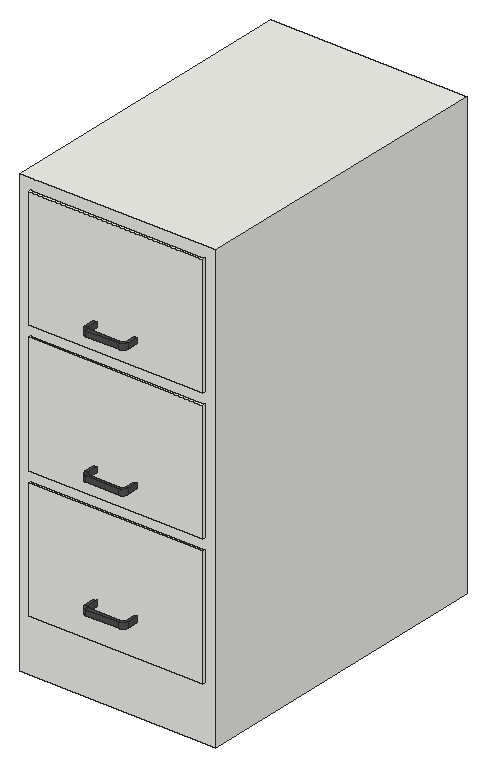
Revit family
Parameters (values of type "0457 x 0734mm")
  Cabinet Material = Metal - Paint Finish - Ivory, Glossy
  Depth = 734.00 mm
  Handle Material = Metal - Chrome
  Height = 1042.00 mm
  Width = 457.00 mm
Types (7, lengths in mm): name | Depth | Height | Width
  (no name) | 734.00 | 1042.00 | 457.00
  0380 x 0457mm | 457.00 | 1042.00 | 380.00
  0380 x 0635mm | 635.00 | 1042.00 | 380.00
  0380 x 0734mm | 734.00 | 1042.00 | 380.00
  0457 x 0734mm | 734.00 | 1042.00 | 457.00
  0762 x 0380mm Lat. | 380.00 | 1016.00 | 762.00
  0762 x 0457mm Lat. | 457.00 | 1016.00 | 762.00
Reference planes
  plane 1 "Center (Front/Back)": y = -142.134
  plane 2: z = 0
  plane 3 "Center (Left/Right)": x = -127.896
  plane 4: x = 100.604
  plane 5: x = -356.396
  plane 6: y = 224.866
  plane 7: y = -509.134
  plane 8: z = 1042
  plane 9: y = -515.484
Forms (mm)
  Extrusion 1, solid, material "Metal - Paint Finish - Ivory, Glossy" <- "Cabinet Material"
    sketch origin (0, 224.866, 0) x (1, 0, 0) y (0, 0, 1)
      loop
        line (-330.996, 1016.6) -> (-330.996, 736.6) -> (75.204, 736.6) -> (75.204, 1016.6) -> (-330.996, 1016.6)
      loop
        line (-330.996, 711.2) -> (-330.996, 431.8) -> (75.204, 431.8) -> (75.204, 711.2) -> (-330.996, 711.2)
      loop
        line (-330.996, 406.4) -> (-330.996, 127) -> (75.204, 127) -> (75.204, 406.4) -> (-330.996, 406.4)
    from 734 to 740.35
  Extrusion 2, solid, material "Metal - Paint Finish - Ivory, Glossy" <- "Cabinet Material"
    sketch origin (0, 0, 0) x (1, 0, 0) y (0, 1, 0)
      loop
        line (-356.396, 224.866) -> (-356.396, -509.134) -> (100.604, -509.134) -> (100.604, 224.866) -> (-356.396, 224.866)
    from 0 to 1042
  Sweep 3, solid, material "Metal - Chrome"
    path origin (0, 0, 0) x (1, 0, 0) y (0, 1, 0)
      loop
        line (-178.696, -515.484) -> (-178.696, -540.884)
        arc (-178.696, -540.884) -> (-174.977, -549.865) -> (-165.996, -553.584) r 12.7
        line (-165.996, -553.584) -> (-89.796, -553.584)
        arc (-89.796, -553.584) -> (-80.816, -549.865) -> (-77.096, -540.884) r 12.7
        line (-77.096, -540.884) -> (-77.096, -515.484)
    profile origin (0, -528.184, 0) x (1, 0, 0) y (0, 0, 1)
      loop
        line (-178.696, 203.2) -> (-172.346, 203.2) -> (-172.346, 215.9) -> (-178.696, 215.9) -> (-178.696, 203.2)
      loop
        line (-178.696, 482.6) -> (-172.346, 482.6) -> (-172.346, 495.3) -> (-178.696, 495.3) -> (-178.696, 482.6)
      loop
        line (-178.696, 787.4) -> (-172.346, 787.4) -> (-172.346, 800.1) -> (-178.696, 800.1) -> (-178.696, 787.4)
Lines and regions (mm)
  Masking region 1
    outline origin (0, 0, 0) x (1, 0, 0) y (0, 1, 0)
      loop
        line (-356.396, 224.866) -> (-356.396, -509.134) -> (100.604, -509.134) -> (100.604, 224.866) -> (-356.396, 224.866)
  symbolic lines
    curve 1: line (-89.796, -547.234, 0) -> (-165.996, -547.234, 0)
    curve 2: line (-172.346, -540.884, 0) -> (-172.346, -509.134, 0)
    curve 3: line (-83.446, -509.134, 0) -> (-83.446, -540.884, 0)
    curve 4: arc (-89.796, -547.234, 0) -> (-85.306, -545.374, 0) -> (-83.446, -540.884, 0) r 6.35
    curve 5: arc (-172.346, -540.884, 0) -> (-170.487, -545.374, 0) -> (-165.996, -547.234, 0) r 6.35
Dimensions and locks
  equal spacing: plane 5, plane 3 "Center (Left/Right)", plane 4
  equal spacing: plane 7, plane 1 "Center (Front/Back)", plane 6
  "Width": plane 5 to plane 4
  "Depth": plane 7 to plane 6
  "Height": plane 8 to plane 2
  plane 7 to plane 9 = 6.35 mm
  aligned and locked: Extrusion 1 to plane 7
  aligned and locked: Extrusion 1 to plane 9
  aligned and locked: Extrusion 2 to plane 8
  aligned and locked: Extrusion 2 to level
  aligned and locked: plane 6 to Masking region 1 sketch curve
  aligned and locked: Masking region 1 sketch curve to plane 7
  aligned and locked: plane 4 to Masking region 1 sketch curve
  aligned and locked: Masking region 1 sketch curve to plane 5
  aligned and locked: curve 1 to Sweep 3
  aligned and locked: curve 2 to Sweep 3
  aligned and locked: curve 3 to Sweep 3
  aligned and locked: plane 7 to curve 2
  aligned and locked: plane 7 to curve 3
Automatic sketch dimensions
  Extrusion 1 sketch curve to plane 5 = 25.40 mm  (x2)
  Extrusion 1 sketch curve to Extrusion 1 sketch curve = 0.00 mm  (x2)
  plane 4 to Extrusion 1 sketch curve = 25.40 mm  (x2)
  level to Extrusion 1 sketch curve = 127.00 mm
  plane 8 to Extrusion 1 sketch curve = 25.40 mm
  Extrusion 1 sketch curve to Extrusion 1 sketch curve = 279.40 mm  (x2)
  Extrusion 1 sketch curve to Extrusion 1 sketch curve = 25.40 mm  (x2)
  Sweep 3 sketch curve to plane 9 = 0.00 mm  (x2)
  Sweep 3 sketch curve to plane 9 = 25.40 mm
  Sweep 3 sketch curve to plane 3 "Center (Left/Right)" = 50.80 mm
  Sweep 3 sketch curve to Sweep 3 sketch curve = 12.70 mm  (x4)
  plane 3 "Center (Left/Right)" to Sweep 3 sketch curve = 38.10 mm
  plane 7 to Sweep 3 sketch curve = 31.75 mm
  Sweep 3 sketch curve to profile plane = 0.00 mm  (x3)
  Sweep 3 sketch curve to profile plane = 6.35 mm  (x3)
  level to Sweep 3 sketch curve = 203.20 mm
  Sweep 3 sketch curve to Sweep 3 sketch curve = 266.70 mm
  Sweep 3 sketch curve to Sweep 3 sketch curve = 292.10 mm
  Extrusion 2 sketch curve to plane 5 = 0.00 mm
  Extrusion 2 sketch curve to plane 4 = 0.00 mm
  Extrusion 2 sketch curve to plane 7 = 0.00 mm
  Extrusion 2 sketch curve to plane 6 = 0.00 mm
  curve 5 to curve 1 = 6.35 mm
  curve 4 to curve 3 = 6.35 mm
